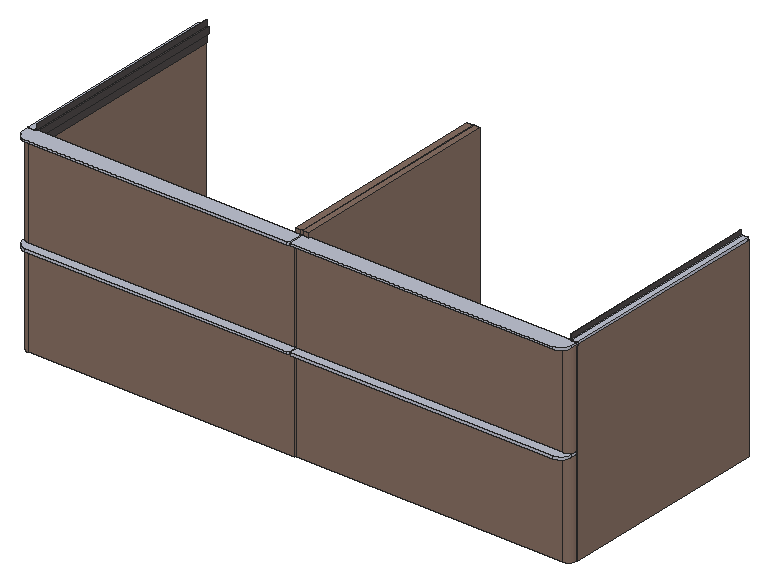
Revit family "vanity unit with 4 drawers for consoles with bowl", category Furniture, Revit 2019 (continued)
Types (48, lengths in mm): name | WEIGHT | Vanity unit 1560_550 with 4 drawers for consoles with bowl-54093700-Dark Walnut-MATT_WHITE-400_RX0RY0RZ0TX0TY0TZ0_V | Vanity unit 1560_550 with 4 drawers for consoles with bowl-54093700-Dark Walnut-MATT_WHITE-200_RX0RY0RZ0TX0TY0TZ0_V | Vanity unit 1560_550 with 4 drawers for consoles with bowl-54093670-Dark Walnut-MATT_BLACK-400_RX0RY0RZ0TX0TY0TZ0_V | Vanity unit 1560_550 with 4 drawers for consoles with bowl-54093670-Dark Walnut-MATT_BLACK-200_RX0RY0RZ0TX0TY0TZ0_V | Vanity unit 1560_550 with 4 drawers for consoles with bowl-54093000-Dark Walnut-CHROME-400_RX0RY0RZ0TX0TY0TZ0_V | Vanity unit 1560_550 with 4 drawers for consoles with bowl-54093000-Dark Walnut-CHROME-200_RX0RY0RZ0TX0TY0TZ0_V | Vanity unit 1560_550 with 4 drawers for consoles with bowl-54092700-Natural Oak-MATT_WHITE-400_RX0RY0RZ0TX0TY0TZ0_V | Vanity unit 1560_550 with 4 drawers for consoles with bowl-54092700-Natural Oak-MATT_WHITE-200_RX0RY0RZ0TX0TY0TZ0_V | Vanity unit 1560_550 with 4 drawers for consoles with bowl-54092670-Natural Oak-MATT_BLACK-400_RX0RY0RZ0TX0TY0TZ0_V | Vanity unit 1560_550 with 4 drawers for consoles with bowl-54092670-Natural Oak-MATT_BLACK-200_RX0RY0RZ0TX0TY0TZ0_V | Vanity unit 1560_550 with 4 drawers for consoles with bowl-54092000-Natural Oak-CHROME-400_RX0RY0RZ0TX0TY0TZ0_V | Vanity unit 1560_550 with 4 drawers for consoles with bowl-54092000-Natural Oak-CHROME-200_RX0RY0RZ0TX0TY0TZ0_V | Vanity unit 1560_550 with 4 drawers for consoles with bowl-54091700-Diamond Matt Grey-MATT_WHITE-400_RX0RY0RZ0TX0TY0TZ0_V | Vanity unit 1560_550 with 4 drawers for consoles with bowl-54091700-Diamond Matt Grey-MATT_WHITE-200_RX0RY0RZ0TX0TY0TZ0_V | Vanity unit 1560_550 with 4 drawers for consoles with bowl-54091670-Diamond Matt Grey-MATT_BLACK-400_RX0RY0RZ0TX0TY0TZ0_V | Vanity unit 1560_550 with 4 drawers for consoles with bowl-54091670-Diamond Matt Grey-MATT_BLACK-200_RX0RY0RZ0TX0TY0TZ0_V | Vanity unit 1560_550 with 4 drawers for consoles with bowl-54091000-Diamond Matt Grey-CHROME-400_RX0RY0RZ0TX0TY0TZ0_V | Vanity unit 1560_550 with 4 drawers for consoles with bowl-54091000-Diamond Matt Grey-CHROME-200_RX0RY0RZ0TX0TY0TZ0_V | Vanity unit 1560_550 with 4 drawers for consoles with bowl-54090700-High Gloss White-MATT_WHITE-400_RX0RY0RZ0TX0TY0TZ0_V | Vanity unit 1560_550 with 4 drawers for consoles with bowl-54090700-High Gloss White-MATT_WHITE-200_RX0RY0RZ0TX0TY0TZ0_V | Vanity unit 1560_550 with 4 drawers for consoles with bowl-54090670-High Gloss White-MATT_BLACK-400_RX0RY0RZ0TX0TY0TZ0_V | Vanity unit 1560_550 with 4 drawers for consoles with bowl-54090670-High Gloss White-MATT_BLACK-200_RX0RY0RZ0TX0TY0TZ0_V | Vanity unit 1560_550 with 4 drawers for consoles with bowl-54090000-High Gloss White-CHROME-400_RX0RY0RZ0TX0TY0TZ0_V | Vanity unit 1560_550 with 4 drawers for consoles with bowl-54090000-High Gloss White-CHROME-200_RX0RY0RZ0TX0TY0TZ0_V | Vanity unit 1360_550 with 4 drawers for consoles with bowl-54089700-Dark Walnut-MATT_WHITE-400_RX0RY0RZ0TX0TY0TZ0_V | Vanity unit 1360_550 with 4 drawers for consoles with bowl-54089700-Dark Walnut-MATT_WHITE-200_RX0RY0RZ0TX0TY0TZ0_V | Vanity unit 1360_550 with 4 drawers for consoles with bowl-54089670-Dark Walnut-MATT_BLACK-400_RX0RY0RZ0TX0TY0TZ0_V | Vanity unit 1360_550 with 4 drawers for consoles with bowl-54089670-Dark Walnut-MATT_BLACK-200_RX0RY0RZ0TX0TY0TZ0_V | Vanity unit 1360_550 with 4 drawers for consoles with bowl-54089000-Dark Walnut-CHROME-400_RX0RY0RZ0TX0TY0TZ0_V | Vanity unit 1360_550 with 4 drawers for consoles with bowl-54089000-Dark Walnut-CHROME-200_RX0RY0RZ0TX0TY0TZ0_V | Vanity unit 1360_550 with 4 drawers for consoles with bowl-54088700-Natural Oak-MATT_WHITE-400_RX0RY0RZ0TX0TY0TZ0_V | Vanity unit 1360_550 with 4 drawers for consoles with bowl-54088700-Natural Oak-MATT_WHITE-200_RX0RY0RZ0TX0TY0TZ0_V | Vanity unit 1360_550 with 4 drawers for consoles with bowl-54088670-Natural Oak-MATT_BLACK-400_RX0RY0RZ0TX0TY0TZ0_V | Vanity unit 1360_550 with 4 drawers for consoles with bowl-54088670-Natural Oak-MATT_BLACK-200_RX0RY0RZ0TX0TY0TZ0_V | Vanity unit 1360_550 with 4 drawers for consoles with bowl-54088000-Natural Oak-CHROME-400_RX0RY0RZ0TX0TY0TZ0_V | Vanity unit 1360_550 with 4 drawers for consoles with bowl-54088000-Natural Oak-CHROME-200_RX0RY0RZ0TX0TY0TZ0_V | Vanity unit 1360_550 with 4 drawers for consoles with bowl-54087700-Diamond Matt Grey-MATT_WHITE-400_RX0RY0RZ0TX0TY0TZ0_V | Vanity unit 1360_550 with 4 drawers for consoles with bowl-54087700-Diamond Matt Grey-MATT_WHITE-200_RX0RY0RZ0TX0TY0TZ0_V | Vanity unit 1360_550 with 4 drawers for consoles with bowl-54087670-Diamond Matt Grey-MATT_BLACK-400_RX0RY0RZ0TX0TY0TZ0_V | Vanity unit 1360_550 with 4 drawers for consoles with bowl-54087670-Diamond Matt Grey-MATT_BLACK-200_RX0RY0RZ0TX0TY0TZ0_V | Vanity unit 1360_550 with 4 drawers for consoles with bowl-54087000-Diamond Matt Grey-CHROME-400_RX0RY0RZ0TX0TY0TZ0_V | Vanity unit 1360_550 with 4 drawers for consoles with bowl-54087000-Diamond Matt Grey-CHROME-200_RX0RY0RZ0TX0TY0TZ0_V | Vanity unit 1360_550 with 4 drawers for consoles with bowl-54086700-High Gloss White-MATT_WHITE-400_RX0RY0RZ0TX0TY0TZ0_V | Vanity unit 1360_550 with 4 drawers for consoles with bowl-54086700-High Gloss White-MATT_WHITE-200_RX0RY0RZ0TX0TY0TZ0_V | Vanity unit 1360_550 with 4 drawers for consoles with bowl-54086670-High Gloss White-MATT_BLACK-400_RX0RY0RZ0TX0TY0TZ0_V | Vanity unit 1360_550 with 4 drawers for consoles with bowl-54086670-High Gloss White-MATT_BLACK-200_RX0RY0RZ0TX0TY0TZ0_V | Vanity unit 1360_550 with 4 drawers for consoles with bowl-54086000-High Gloss White-CHROME-400_RX0RY0RZ0TX0TY0TZ0_V | Vanity unit 1360_550 with 4 drawers for consoles with bowl-54086000-High Gloss White-CHROME-200_RX0RY0RZ0TX0TY0TZ0_V | SURFACE | PRODUCTURL | PERMALINK | OBERFLAECHE | NB | NAME | Model | MIdent | LODLEVEL | LINA | L | GTINCODE | BASENUMBER | ARTNR
  Vanity unit 1560_550 with 4 drawers for consoles with bowl-54091700-Diamond Matt Grey-MATT_WHITE-200 | "61" | no | no | no | no | no | no | no | no | no | no | no | no | no | yes | no | no | no | no | no | no | no | no | no | no | no | no | no | no | no | no | no | no | no | no | no | no | no | no | no | no | no | no | no | no | no | no | no | no | "MATT_WHITE" | "https://pro.hansgrohe.com/articledetail--54091000" | "54091XXX" | "Diamond Matt Grey" | "Vanity unit 1560/550 with 4 drawers for consoles with bowl-54091700-Diamond Matt Grey-MATT_WHITE-200" | "Xelu Q Vanity unit Diamond Matt Grey 1560/550 with 4 drawers for consoles with bowl" | "Vanity unit 1560/550 with 4 drawers for consoles with bowl-54091700-Diamond Matt Grey-MATT_WHITE-200" | "{$CADENAS_DATA/23d-libs/hansgrohe/xelu_furniture/vanity_unit_4_drawers_for_consoles_with_bowl/vanity_unit_4_drawers_for_consoles_with_bowl.prj},392 {VTYP=3D},{NB=Vanity unit 1560/550 with 4 drawers for consoles with bowl-54091700-Diamond Matt Grey-MATT_WHITE-200},{LINA=Vanity unit 1560/550 with 4 drawers for consoles with bowl-54091700-Diamond Matt Grey-MATT_WHITE-200},{NN=Vanity Unit with 4 Drawers for consoles with bowl},{DATE=13.03.2023 02:42:39},{GEOMDATE=08.03.2023 13:55:36},{VERSION=},{LINEID=170},{WBVAR=LODLEVEL},{WBNUMERIC=}  {NB=Vanity unit 1560/550 with 4 drawers for consoles with bowl-54091700-Diamond Matt Grey-MATT_WHITE-200},{LINA=Vanity unit 1560/550 with 4 drawers for consoles with bowl-54091700-Diamond Matt Grey-MATT_WHITE-200},{KT=DUMMY},{IDNR=17},{ARTNR=54091700},{BASENUMBER=Vanity unit 1560/550 with 4 drawers for consoles with bowl},{MODEL=54091XXX},{OBERFLAECHE=Diamond Matt Grey},{SURFACE=MATT_WHITE},{L=1560},{LODLEVEL=200},{LODLEVELX='400','400','200','200'},{NAME=Xelu Q Vanity unit Diamond Matt Grey 1560/550 with 4 drawers for consoles with bowl},{PERMALINK=54091XXX},{OBJECTTYPE=Object (single object)},{BIMOBJECT=Sanitary: Compound units},{PRODUCTFAMILY=Xelu Q},{PRODUCTGROUP=vanity unit},{WEIGHT=61},{DESCRIPTION=Xelu Q Vanity unit Diamond Matt Grey 1560/550 with 4 drawers for consoles with bowl},{SPECIFICATION=},{PRODUCTURL=https://pro.hansgrohe.com/articledetail--54091000},{GTINCODE=4059625457221},{TENDERURL=},{IFC=Furnishing element},{ETIM=EC011381 | Bathroom furniture set},{UNICLASS2015=Pr_40_30_78_05 | Bathroom furniture},{OMNICLASS=23-21 19 15 33 13 | Residential Bathroom Specialty Casework},{MASTERFORMAT=12 35 30.23 | Bathroom Casework},{UNSPSC=56 | Furniture and Furnishings},{UNIFORMATII=E2010 | Fixed Furnishings},{DESIGN=Germany},{MANUFACTURER=Germany},{REGIONSET=Worldwide}" | "200" | "Vanity unit 1560/550 with 4 drawers for consoles with bowl-54091700-Diamond Matt Grey-MATT_WHITE-200" | 1560 | "4059625457221" | "Vanity unit 1560/550 with 4 drawers for consoles with bowl" | "54091700"
  Vanity unit 1560_550 with 4 drawers for consoles with bowl-54091700-Diamond Matt Grey-MATT_WHITE-400 | "61" | no | no | no | no | no | no | no | no | no | no | no | no | yes | no | no | no | no | no | no | no | no | no | no | no | no | no | no | no | no | no | no | no | no | no | no | no | no | no | no | no | no | no | no | no | no | no | no | no | "MATT_WHITE" | "https://pro.hansgrohe.com/articledetail--54091000" | "54091XXX" | "Diamond Matt Grey" | "Vanity unit 1560/550 with 4 drawers for consoles with bowl-54091700-Diamond Matt Grey-MATT_WHITE-400" | "Xelu Q Vanity unit Diamond Matt Grey 1560/550 with 4 drawers for consoles with bowl" | "Vanity unit 1560/550 with 4 drawers for consoles with bowl-54091700-Diamond Matt Grey-MATT_WHITE-400" | "{$CADENAS_DATA/23d-libs/hansgrohe/xelu_furniture/vanity_unit_4_drawers_for_consoles_with_bowl/vanity_unit_4_drawers_for_consoles_with_bowl.prj},392 {VTYP=3D},{NB=Vanity unit 1560/550 with 4 drawers for consoles with bowl-54091700-Diamond Matt Grey-MATT_WHITE-400},{LINA=Vanity unit 1560/550 with 4 drawers for consoles with bowl-54091700-Diamond Matt Grey-MATT_WHITE-400},{NN=Vanity Unit with 4 Drawers for consoles with bowl},{DATE=13.03.2023 02:42:39},{GEOMDATE=08.03.2023 13:55:36},{VERSION=},{LINEID=170},{WBVAR=LODLEVEL},{WBNUMERIC=}  {NB=Vanity unit 1560/550 with 4 drawers for consoles with bowl-54091700-Diamond Matt Grey-MATT_WHITE-400},{LINA=Vanity unit 1560/550 with 4 drawers for consoles with bowl-54091700-Diamond Matt Grey-MATT_WHITE-400},{KT=DUMMY},{IDNR=17},{ARTNR=54091700},{BASENUMBER=Vanity unit 1560/550 with 4 drawers for consoles with bowl},{MODEL=54091XXX},{OBERFLAECHE=Diamond Matt Grey},{SURFACE=MATT_WHITE},{L=1560},{LODLEVEL=400},{LODLEVELX='400','400','200','200'},{NAME=Xelu Q Vanity unit Diamond Matt Grey 1560/550 with 4 drawers for consoles with bowl},{PERMALINK=54091XXX},{OBJECTTYPE=Object (single object)},{BIMOBJECT=Sanitary: Compound units},{PRODUCTFAMILY=Xelu Q},{PRODUCTGROUP=vanity unit},{WEIGHT=61},{DESCRIPTION=Xelu Q Vanity unit Diamond Matt Grey 1560/550 with 4 drawers for consoles with bowl},{SPECIFICATION=},{PRODUCTURL=https://pro.hansgrohe.com/articledetail--54091000},{GTINCODE=4059625457221},{TENDERURL=},{IFC=Furnishing element},{ETIM=EC011381 | Bathroom furniture set},{UNICLASS2015=Pr_40_30_78_05 | Bathroom furniture},{OMNICLASS=23-21 19 15 33 13 | Residential Bathroom Specialty Casework},{MASTERFORMAT=12 35 30.23 | Bathroom Casework},{UNSPSC=56 | Furniture and Furnishings},{UNIFORMATII=E2010 | Fixed Furnishings},{DESIGN=Germany},{MANUFACTURER=Germany},{REGIONSET=Worldwide}" | "400" | "Vanity unit 1560/550 with 4 drawers for consoles with bowl-54091700-Diamond Matt Grey-MATT_WHITE-400" | 1560 | "4059625457221" | "Vanity unit 1560/550 with 4 drawers for consoles with bowl" | "54091700"
  Vanity unit 1560_550 with 4 drawers for consoles with bowl-54092000-Natural Oak-CHROME-200 | "61" | no | no | no | no | no | no | no | no | no | no | no | yes | no | no | no | no | no | no | no | no | no | no | no | no | no | no | no | no | no | no | no | no | no | no | no | no | no | no | no | no | no | no | no | no | no | no | no | no | "CHROME" | "https://pro.hansgrohe.com/articledetail--54092000" | "54092XXX" | "Natural Oak" | "Vanity unit 1560/550 with 4 drawers for consoles with bowl-54092000-Natural Oak-CHROME-200" | "Xelu Q Vanity unit Natural Oak 1560/550 with 4 drawers for consoles with bowl" | "Vanity unit 1560/550 with 4 drawers for consoles with bowl-54092000-Natural Oak-CHROME-200" | "{$CADENAS_DATA/23d-libs/hansgrohe/xelu_furniture/vanity_unit_4_drawers_for_consoles_with_bowl/vanity_unit_4_drawers_for_consoles_with_bowl.prj},372 {VTYP=3D},{NB=Vanity unit 1560/550 with 4 drawers for consoles with bowl-54092000-Natural Oak-CHROME-200},{LINA=Vanity unit 1560/550 with 4 drawers for consoles with bowl-54092000-Natural Oak-CHROME-200},{NN=Vanity Unit with 4 Drawers for consoles with bowl},{DATE=13.03.2023 02:42:39},{GEOMDATE=08.03.2023 13:55:36},{VERSION=},{LINEID=200},{WBVAR=LODLEVEL},{WBNUMERIC=}  {NB=Vanity unit 1560/550 with 4 drawers for consoles with bowl-54092000-Natural Oak-CHROME-200},{LINA=Vanity unit 1560/550 with 4 drawers for consoles with bowl-54092000-Natural Oak-CHROME-200},{KT=DUMMY},{IDNR=20},{ARTNR=54092000},{BASENUMBER=Vanity unit 1560/550 with 4 drawers for consoles with bowl},{MODEL=54092XXX},{OBERFLAECHE=Natural Oak},{SURFACE=CHROME},{L=1560},{LODLEVEL=200},{LODLEVELX='400','400','200','200'},{NAME=Xelu Q Vanity unit Natural Oak 1560/550 with 4 drawers for consoles with bowl},{PERMALINK=54092XXX},{OBJECTTYPE=Object (single object)},{BIMOBJECT=Sanitary: Compound units},{PRODUCTFAMILY=Xelu Q},{PRODUCTGROUP=vanity unit},{WEIGHT=61},{DESCRIPTION=Xelu Q Vanity unit Natural Oak 1560/550 with 4 drawers for consoles with bowl},{SPECIFICATION=},{PRODUCTURL=https://pro.hansgrohe.com/articledetail--54092000},{GTINCODE=4059625457191},{TENDERURL=},{IFC=Furnishing element},{ETIM=EC011381 | Bathroom furniture set},{UNICLASS2015=Pr_40_30_78_05 | Bathroom furniture},{OMNICLASS=23-21 19 15 33 13 | Residential Bathroom Specialty Casework},{MASTERFORMAT=12 35 30.23 | Bathroom Casework},{UNSPSC=56 | Furniture and Furnishings},{UNIFORMATII=E2010 | Fixed Furnishings},{DESIGN=Germany},{MANUFACTURER=Germany},{REGIONSET=Worldwide}" | "200" | "Vanity unit 1560/550 with 4 drawers for consoles with bowl-54092000-Natural Oak-CHROME-200" | 1560 | "4059625457191" | "Vanity unit 1560/550 with 4 drawers for consoles with bowl" | "54092000"
  Vanity unit 1560_550 with 4 drawers for consoles with bowl-54092000-Natural Oak-CHROME-400 | "61" | no | no | no | no | no | no | no | no | no | no | yes | no | no | no | no | no | no | no | no | no | no | no | no | no | no | no | no | no | no | no | no | no | no | no | no | no | no | no | no | no | no | no | no | no | no | no | no | no | "CHROME" | "https://pro.hansgrohe.com/articledetail--54092000" | "54092XXX" | "Natural Oak" | "Vanity unit 1560/550 with 4 drawers for consoles with bowl-54092000-Natural Oak-CHROME-400" | "Xelu Q Vanity unit Natural Oak 1560/550 with 4 drawers for consoles with bowl" | "Vanity unit 1560/550 with 4 drawers for consoles with bowl-54092000-Natural Oak-CHROME-400" | "{$CADENAS_DATA/23d-libs/hansgrohe/xelu_furniture/vanity_unit_4_drawers_for_consoles_with_bowl/vanity_unit_4_drawers_for_consoles_with_bowl.prj},372 {VTYP=3D},{NB=Vanity unit 1560/550 with 4 drawers for consoles with bowl-54092000-Natural Oak-CHROME-400},{LINA=Vanity unit 1560/550 with 4 drawers for consoles with bowl-54092000-Natural Oak-CHROME-400},{NN=Vanity Unit with 4 Drawers for consoles with bowl},{DATE=13.03.2023 02:42:39},{GEOMDATE=08.03.2023 13:55:36},{VERSION=},{LINEID=200},{WBVAR=LODLEVEL},{WBNUMERIC=}  {NB=Vanity unit 1560/550 with 4 drawers for consoles with bowl-54092000-Natural Oak-CHROME-400},{LINA=Vanity unit 1560/550 with 4 drawers for consoles with bowl-54092000-Natural Oak-CHROME-400},{KT=DUMMY},{IDNR=20},{ARTNR=54092000},{BASENUMBER=Vanity unit 1560/550 with 4 drawers for consoles with bowl},{MODEL=54092XXX},{OBERFLAECHE=Natural Oak},{SURFACE=CHROME},{L=1560},{LODLEVEL=400},{LODLEVELX='400','400','200','200'},{NAME=Xelu Q Vanity unit Natural Oak 1560/550 with 4 drawers for consoles with bowl},{PERMALINK=54092XXX},{OBJECTTYPE=Object (single object)},{BIMOBJECT=Sanitary: Compound units},{PRODUCTFAMILY=Xelu Q},{PRODUCTGROUP=vanity unit},{WEIGHT=61},{DESCRIPTION=Xelu Q Vanity unit Natural Oak 1560/550 with 4 drawers for consoles with bowl},{SPECIFICATION=},{PRODUCTURL=https://pro.hansgrohe.com/articledetail--54092000},{GTINCODE=4059625457191},{TENDERURL=},{IFC=Furnishing element},{ETIM=EC011381 | Bathroom furniture set},{UNICLASS2015=Pr_40_30_78_05 | Bathroom furniture},{OMNICLASS=23-21 19 15 33 13 | Residential Bathroom Specialty Casework},{MASTERFORMAT=12 35 30.23 | Bathroom Casework},{UNSPSC=56 | Furniture and Furnishings},{UNIFORMATII=E2010 | Fixed Furnishings},{DESIGN=Germany},{MANUFACTURER=Germany},{REGIONSET=Worldwide}" | "400" | "Vanity unit 1560/550 with 4 drawers for consoles with bowl-54092000-Natural Oak-CHROME-400" | 1560 | "4059625457191" | "Vanity unit 1560/550 with 4 drawers for consoles with bowl" | "54092000"
  Vanity unit 1560_550 with 4 drawers for consoles with bowl-54092670-Natural Oak-MATT_BLACK-200 | "61" | no | no | no | no | no | no | no | no | no | yes | no | no | no | no | no | no | no | no | no | no | no | no | no | no | no | no | no | no | no | no | no | no | no | no | no | no | no | no | no | no | no | no | no | no | no | no | no | no | "MATT_BLACK" | "https://pro.hansgrohe.com/articledetail--54092000" | "54092XXX" | "Natural Oak" | "Vanity unit 1560/550 with 4 drawers for consoles with bowl-54092670-Natural Oak-MATT_BLACK-200" | "Xelu Q Vanity unit Natural Oak 1560/550 with 4 drawers for consoles with bowl" | "Vanity unit 1560/550 with 4 drawers for consoles with bowl-54092670-Natural Oak-MATT_BLACK-200" | "{$CADENAS_DATA/23d-libs/hansgrohe/xelu_furniture/vanity_unit_4_drawers_for_consoles_with_bowl/vanity_unit_4_drawers_for_consoles_with_bowl.prj},380 {VTYP=3D},{NB=Vanity unit 1560/550 with 4 drawers for consoles with bowl-54092670-Natural Oak-MATT_BLACK-200},{LINA=Vanity unit 1560/550 with 4 drawers for consoles with bowl-54092670-Natural Oak-MATT_BLACK-200},{NN=Vanity Unit with 4 Drawers for consoles with bowl},{DATE=13.03.2023 02:42:39},{GEOMDATE=08.03.2023 13:55:36},{VERSION=},{LINEID=210},{WBVAR=LODLEVEL},{WBNUMERIC=}  {NB=Vanity unit 1560/550 with 4 drawers for consoles with bowl-54092670-Natural Oak-MATT_BLACK-200},{LINA=Vanity unit 1560/550 with 4 drawers for consoles with bowl-54092670-Natural Oak-MATT_BLACK-200},{KT=DUMMY},{IDNR=21},{ARTNR=54092670},{BASENUMBER=Vanity unit 1560/550 with 4 drawers for consoles with bowl},{MODEL=54092XXX},{OBERFLAECHE=Natural Oak},{SURFACE=MATT_BLACK},{L=1560},{LODLEVEL=200},{LODLEVELX='400','400','200','200'},{NAME=Xelu Q Vanity unit Natural Oak 1560/550 with 4 drawers for consoles with bowl},{PERMALINK=54092XXX},{OBJECTTYPE=Object (single object)},{BIMOBJECT=Sanitary: Compound units},{PRODUCTFAMILY=Xelu Q},{PRODUCTGROUP=vanity unit},{WEIGHT=61},{DESCRIPTION=Xelu Q Vanity unit Natural Oak 1560/550 with 4 drawers for consoles with bowl},{SPECIFICATION=},{PRODUCTURL=https://pro.hansgrohe.com/articledetail--54092000},{GTINCODE=4059625457191},{TENDERURL=},{IFC=Furnishing element},{ETIM=EC011381 | Bathroom furniture set},{UNICLASS2015=Pr_40_30_78_05 | Bathroom furniture},{OMNICLASS=23-21 19 15 33 13 | Residential Bathroom Specialty Casework},{MASTERFORMAT=12 35 30.23 | Bathroom Casework},{UNSPSC=56 | Furniture and Furnishings},{UNIFORMATII=E2010 | Fixed Furnishings},{DESIGN=Germany},{MANUFACTURER=Germany},{REGIONSET=Worldwide}" | "200" | "Vanity unit 1560/550 with 4 drawers for consoles with bowl-54092670-Natural Oak-MATT_BLACK-200" | 1560 | "4059625457191" | "Vanity unit 1560/550 with 4 drawers for consoles with bowl" | "54092670"
  Vanity unit 1560_550 with 4 drawers for consoles with bowl-54092670-Natural Oak-MATT_BLACK-400 | "61" | no | no | no | no | no | no | no | no | yes | no | no | no | no | no | no | no | no | no | no | no | no | no | no | no | no | no | no | no | no | no | no | no | no | no | no | no | no | no | no | no | no | no | no | no | no | no | no | no | "MATT_BLACK" | "https://pro.hansgrohe.com/articledetail--54092000" | "54092XXX" | "Natural Oak" | "Vanity unit 1560/550 with 4 drawers for consoles with bowl-54092670-Natural Oak-MATT_BLACK-400" | "Xelu Q Vanity unit Natural Oak 1560/550 with 4 drawers for consoles with bowl" | "Vanity unit 1560/550 with 4 drawers for consoles with bowl-54092670-Natural Oak-MATT_BLACK-400" | "{$CADENAS_DATA/23d-libs/hansgrohe/xelu_furniture/vanity_unit_4_drawers_for_consoles_with_bowl/vanity_unit_4_drawers_for_consoles_with_bowl.prj},380 {VTYP=3D},{NB=Vanity unit 1560/550 with 4 drawers for consoles with bowl-54092670-Natural Oak-MATT_BLACK-400},{LINA=Vanity unit 1560/550 with 4 drawers for consoles with bowl-54092670-Natural Oak-MATT_BLACK-400},{NN=Vanity Unit with 4 Drawers for consoles with bowl},{DATE=13.03.2023 02:42:39},{GEOMDATE=08.03.2023 13:55:36},{VERSION=},{LINEID=210},{WBVAR=LODLEVEL},{WBNUMERIC=}  {NB=Vanity unit 1560/550 with 4 drawers for consoles with bowl-54092670-Natural Oak-MATT_BLACK-400},{LINA=Vanity unit 1560/550 with 4 drawers for consoles with bowl-54092670-Natural Oak-MATT_BLACK-400},{KT=DUMMY},{IDNR=21},{ARTNR=54092670},{BASENUMBER=Vanity unit 1560/550 with 4 drawers for consoles with bowl},{MODEL=54092XXX},{OBERFLAECHE=Natural Oak},{SURFACE=MATT_BLACK},{L=1560},{LODLEVEL=400},{LODLEVELX='400','400','200','200'},{NAME=Xelu Q Vanity unit Natural Oak 1560/550 with 4 drawers for consoles with bowl},{PERMALINK=54092XXX},{OBJECTTYPE=Object (single object)},{BIMOBJECT=Sanitary: Compound units},{PRODUCTFAMILY=Xelu Q},{PRODUCTGROUP=vanity unit},{WEIGHT=61},{DESCRIPTION=Xelu Q Vanity unit Natural Oak 1560/550 with 4 drawers for consoles with bowl},{SPECIFICATION=},{PRODUCTURL=https://pro.hansgrohe.com/articledetail--54092000},{GTINCODE=4059625457191},{TENDERURL=},{IFC=Furnishing element},{ETIM=EC011381 | Bathroom furniture set},{UNICLASS2015=Pr_40_30_78_05 | Bathroom furniture},{OMNICLASS=23-21 19 15 33 13 | Residential Bathroom Specialty Casework},{MASTERFORMAT=12 35 30.23 | Bathroom Casework},{UNSPSC=56 | Furniture and Furnishings},{UNIFORMATII=E2010 | Fixed Furnishings},{DESIGN=Germany},{MANUFACTURER=Germany},{REGIONSET=Worldwide}" | "400" | "Vanity unit 1560/550 with 4 drawers for consoles with bowl-54092670-Natural Oak-MATT_BLACK-400" | 1560 | "4059625457191" | "Vanity unit 1560/550 with 4 drawers for consoles with bowl" | "54092670"
  Vanity unit 1560_550 with 4 drawers for consoles with bowl-54092700-Natural Oak-MATT_WHITE-200 | "61" | no | no | no | no | no | no | no | yes | no | no | no | no | no | no | no | no | no | no | no | no | no | no | no | no | no | no | no | no | no | no | no | no | no | no | no | no | no | no | no | no | no | no | no | no | no | no | no | no | "MATT_WHITE" | "https://pro.hansgrohe.com/articledetail--54092000" | "54092XXX" | "Natural Oak" | "Vanity unit 1560/550 with 4 drawers for consoles with bowl-54092700-Natural Oak-MATT_WHITE-200" | "Xelu Q Vanity unit Natural Oak 1560/550 with 4 drawers for consoles with bowl" | "Vanity unit 1560/550 with 4 drawers for consoles with bowl-54092700-Natural Oak-MATT_WHITE-200" | "{$CADENAS_DATA/23d-libs/hansgrohe/xelu_furniture/vanity_unit_4_drawers_for_consoles_with_bowl/vanity_unit_4_drawers_for_consoles_with_bowl.prj},380 {VTYP=3D},{NB=Vanity unit 1560/550 with 4 drawers for consoles with bowl-54092700-Natural Oak-MATT_WHITE-200},{LINA=Vanity unit 1560/550 with 4 drawers for consoles with bowl-54092700-Natural Oak-MATT_WHITE-200},{NN=Vanity Unit with 4 Drawers for consoles with bowl},{DATE=13.03.2023 02:42:39},{GEOMDATE=08.03.2023 13:55:36},{VERSION=},{LINEID=190},{WBVAR=LODLEVEL},{WBNUMERIC=}  {NB=Vanity unit 1560/550 with 4 drawers for consoles with bowl-54092700-Natural Oak-MATT_WHITE-200},{LINA=Vanity unit 1560/550 with 4 drawers for consoles with bowl-54092700-Natural Oak-MATT_WHITE-200},{KT=DUMMY},{IDNR=19},{ARTNR=54092700},{BASENUMBER=Vanity unit 1560/550 with 4 drawers for consoles with bowl},{MODEL=54092XXX},{OBERFLAECHE=Natural Oak},{SURFACE=MATT_WHITE},{L=1560},{LODLEVEL=200},{LODLEVELX='400','400','200','200'},{NAME=Xelu Q Vanity unit Natural Oak 1560/550 with 4 drawers for consoles with bowl},{PERMALINK=54092XXX},{OBJECTTYPE=Object (single object)},{BIMOBJECT=Sanitary: Compound units},{PRODUCTFAMILY=Xelu Q},{PRODUCTGROUP=vanity unit},{WEIGHT=61},{DESCRIPTION=Xelu Q Vanity unit Natural Oak 1560/550 with 4 drawers for consoles with bowl},{SPECIFICATION=},{PRODUCTURL=https://pro.hansgrohe.com/articledetail--54092000},{GTINCODE=4059625457191},{TENDERURL=},{IFC=Furnishing element},{ETIM=EC011381 | Bathroom furniture set},{UNICLASS2015=Pr_40_30_78_05 | Bathroom furniture},{OMNICLASS=23-21 19 15 33 13 | Residential Bathroom Specialty Casework},{MASTERFORMAT=12 35 30.23 | Bathroom Casework},{UNSPSC=56 | Furniture and Furnishings},{UNIFORMATII=E2010 | Fixed Furnishings},{DESIGN=Germany},{MANUFACTURER=Germany},{REGIONSET=Worldwide}" | "200" | "Vanity unit 1560/550 with 4 drawers for consoles with bowl-54092700-Natural Oak-MATT_WHITE-200" | 1560 | "4059625457191" | "Vanity unit 1560/550 with 4 drawers for consoles with bowl" | "54092700"
  Vanity unit 1560_550 with 4 drawers for consoles with bowl-54092700-Natural Oak-MATT_WHITE-400 | "61" | no | no | no | no | no | no | yes | no | no | no | no | no | no | no | no | no | no | no | no | no | no | no | no | no | no | no | no | no | no | no | no | no | no | no | no | no | no | no | no | no | no | no | no | no | no | no | no | no | "MATT_WHITE" | "https://pro.hansgrohe.com/articledetail--54092000" | "54092XXX" | "Natural Oak" | "Vanity unit 1560/550 with 4 drawers for consoles with bowl-54092700-Natural Oak-MATT_WHITE-400" | "Xelu Q Vanity unit Natural Oak 1560/550 with 4 drawers for consoles with bowl" | "Vanity unit 1560/550 with 4 drawers for consoles with bowl-54092700-Natural Oak-MATT_WHITE-400" | "{$CADENAS_DATA/23d-libs/hansgrohe/xelu_furniture/vanity_unit_4_drawers_for_consoles_with_bowl/vanity_unit_4_drawers_for_consoles_with_bowl.prj},380 {VTYP=3D},{NB=Vanity unit 1560/550 with 4 drawers for consoles with bowl-54092700-Natural Oak-MATT_WHITE-400},{LINA=Vanity unit 1560/550 with 4 drawers for consoles with bowl-54092700-Natural Oak-MATT_WHITE-400},{NN=Vanity Unit with 4 Drawers for consoles with bowl},{DATE=13.03.2023 02:42:39},{GEOMDATE=08.03.2023 13:55:36},{VERSION=},{LINEID=190},{WBVAR=LODLEVEL},{WBNUMERIC=}  {NB=Vanity unit 1560/550 with 4 drawers for consoles with bowl-54092700-Natural Oak-MATT_WHITE-400},{LINA=Vanity unit 1560/550 with 4 drawers for consoles with bowl-54092700-Natural Oak-MATT_WHITE-400},{KT=DUMMY},{IDNR=19},{ARTNR=54092700},{BASENUMBER=Vanity unit 1560/550 with 4 drawers for consoles with bowl},{MODEL=54092XXX},{OBERFLAECHE=Natural Oak},{SURFACE=MATT_WHITE},{L=1560},{LODLEVEL=400},{LODLEVELX='400','400','200','200'},{NAME=Xelu Q Vanity unit Natural Oak 1560/550 with 4 drawers for consoles with bowl},{PERMALINK=54092XXX},{OBJECTTYPE=Object (single object)},{BIMOBJECT=Sanitary: Compound units},{PRODUCTFAMILY=Xelu Q},{PRODUCTGROUP=vanity unit},{WEIGHT=61},{DESCRIPTION=Xelu Q Vanity unit Natural Oak 1560/550 with 4 drawers for consoles with bowl},{SPECIFICATION=},{PRODUCTURL=https://pro.hansgrohe.com/articledetail--54092000},{GTINCODE=4059625457191},{TENDERURL=},{IFC=Furnishing element},{ETIM=EC011381 | Bathroom furniture set},{UNICLASS2015=Pr_40_30_78_05 | Bathroom furniture},{OMNICLASS=23-21 19 15 33 13 | Residential Bathroom Specialty Casework},{MASTERFORMAT=12 35 30.23 | Bathroom Casework},{UNSPSC=56 | Furniture and Furnishings},{UNIFORMATII=E2010 | Fixed Furnishings},{DESIGN=Germany},{MANUFACTURER=Germany},{REGIONSET=Worldwide}" | "400" | "Vanity unit 1560/550 with 4 drawers for consoles with bowl-54092700-Natural Oak-MATT_WHITE-400" | 1560 | "4059625457191" | "Vanity unit 1560/550 with 4 drawers for consoles with bowl" | "54092700"
  Vanity unit 1560_550 with 4 drawers for consoles with bowl-54093000-Dark Walnut-CHROME-200 | "61" | no | no | no | no | no | yes | no | no | no | no | no | no | no | no | no | no | no | no | no | no | no | no | no | no | no | no | no | no | no | no | no | no | no | no | no | no | no | no | no | no | no | no | no | no | no | no | no | no | "CHROME" | "https://pro.hansgrohe.com/articledetail--54093000" | "54093XXX" | "Dark Walnut" | "Vanity unit 1560/550 with 4 drawers for consoles with bowl-54093000-Dark Walnut-CHROME-200" | "Xelu Q Vanity unit Dark Walnut 1560/550 with 4 drawers for consoles with bowl" | "Vanity unit 1560/550 with 4 drawers for consoles with bowl-54093000-Dark Walnut-CHROME-200" | "{$CADENAS_DATA/23d-libs/hansgrohe/xelu_furniture/vanity_unit_4_drawers_for_consoles_with_bowl/vanity_unit_4_drawers_for_consoles_with_bowl.prj},372 {VTYP=3D},{NB=Vanity unit 1560/550 with 4 drawers for consoles with bowl-54093000-Dark Walnut-CHROME-200},{LINA=Vanity unit 1560/550 with 4 drawers for consoles with bowl-54093000-Dark Walnut-CHROME-200},{NN=Vanity Unit with 4 Drawers for consoles with bowl},{DATE=13.03.2023 02:42:39},{GEOMDATE=08.03.2023 13:55:36},{VERSION=},{LINEID=230},{WBVAR=LODLEVEL},{WBNUMERIC=}  {NB=Vanity unit 1560/550 with 4 drawers for consoles with bowl-54093000-Dark Walnut-CHROME-200},{LINA=Vanity unit 1560/550 with 4 drawers for consoles with bowl-54093000-Dark Walnut-CHROME-200},{KT=DUMMY},{IDNR=23},{ARTNR=54093000},{BASENUMBER=Vanity unit 1560/550 with 4 drawers for consoles with bowl},{MODEL=54093XXX},{OBERFLAECHE=Dark Walnut},{SURFACE=CHROME},{L=1560},{LODLEVEL=200},{LODLEVELX='400','400','200','200'},{NAME=Xelu Q Vanity unit Dark Walnut 1560/550 with 4 drawers for consoles with bowl},{PERMALINK=54093XXX},{OBJECTTYPE=Object (single object)},{BIMOBJECT=Sanitary: Compound units},{PRODUCTFAMILY=Xelu Q},{PRODUCTGROUP=vanity unit},{WEIGHT=61},{DESCRIPTION=Xelu Q Vanity unit Dark Walnut 1560/550 with 4 drawers for consoles with bowl},{SPECIFICATION=},{PRODUCTURL=https://pro.hansgrohe.com/articledetail--54093000},{GTINCODE=4059625457160},{TENDERURL=},{IFC=Furnishing element},{ETIM=EC011381 | Bathroom furniture set},{UNICLASS2015=Pr_40_30_78_05 | Bathroom furniture},{OMNICLASS=23-21 19 15 33 13 | Residential Bathroom Specialty Casework},{MASTERFORMAT=12 35 30.23 | Bathroom Casework},{UNSPSC=56 | Furniture and Furnishings},{UNIFORMATII=E2010 | Fixed Furnishings},{DESIGN=Germany},{MANUFACTURER=Germany},{REGIONSET=Worldwide}" | "200" | "Vanity unit 1560/550 with 4 drawers for consoles with bowl-54093000-Dark Walnut-CHROME-200" | 1560 | "4059625457160" | "Vanity unit 1560/550 with 4 drawers for consoles with bowl" | "54093000"
  Vanity unit 1560_550 with 4 drawers for consoles with bowl-54093000-Dark Walnut-CHROME-400 | "61" | no | no | no | no | yes | no | no | no | no | no | no | no | no | no | no | no | no | no | no | no | no | no | no | no | no | no | no | no | no | no | no | no | no | no | no | no | no | no | no | no | no | no | no | no | no | no | no | no | "CHROME" | "https://pro.hansgrohe.com/articledetail--54093000" | "54093XXX" | "Dark Walnut" | "Vanity unit 1560/550 with 4 drawers for consoles with bowl-54093000-Dark Walnut-CHROME-400" | "Xelu Q Vanity unit Dark Walnut 1560/550 with 4 drawers for consoles with bowl" | "Vanity unit 1560/550 with 4 drawers for consoles with bowl-54093000-Dark Walnut-CHROME-400" | "{$CADENAS_DATA/23d-libs/hansgrohe/xelu_furniture/vanity_unit_4_drawers_for_consoles_with_bowl/vanity_unit_4_drawers_for_consoles_with_bowl.prj},372 {VTYP=3D},{NB=Vanity unit 1560/550 with 4 drawers for consoles with bowl-54093000-Dark Walnut-CHROME-400},{LINA=Vanity unit 1560/550 with 4 drawers for consoles with bowl-54093000-Dark Walnut-CHROME-400},{NN=Vanity Unit with 4 Drawers for consoles with bowl},{DATE=13.03.2023 02:42:39},{GEOMDATE=08.03.2023 13:55:36},{VERSION=},{LINEID=230},{WBVAR=LODLEVEL},{WBNUMERIC=}  {NB=Vanity unit 1560/550 with 4 drawers for consoles with bowl-54093000-Dark Walnut-CHROME-400},{LINA=Vanity unit 1560/550 with 4 drawers for consoles with bowl-54093000-Dark Walnut-CHROME-400},{KT=DUMMY},{IDNR=23},{ARTNR=54093000},{BASENUMBER=Vanity unit 1560/550 with 4 drawers for consoles with bowl},{MODEL=54093XXX},{OBERFLAECHE=Dark Walnut},{SURFACE=CHROME},{L=1560},{LODLEVEL=400},{LODLEVELX='400','400','200','200'},{NAME=Xelu Q Vanity unit Dark Walnut 1560/550 with 4 drawers for consoles with bowl},{PERMALINK=54093XXX},{OBJECTTYPE=Object (single object)},{BIMOBJECT=Sanitary: Compound units},{PRODUCTFAMILY=Xelu Q},{PRODUCTGROUP=vanity unit},{WEIGHT=61},{DESCRIPTION=Xelu Q Vanity unit Dark Walnut 1560/550 with 4 drawers for consoles with bowl},{SPECIFICATION=},{PRODUCTURL=https://pro.hansgrohe.com/articledetail--54093000},{GTINCODE=4059625457160},{TENDERURL=},{IFC=Furnishing element},{ETIM=EC011381 | Bathroom furniture set},{UNICLASS2015=Pr_40_30_78_05 | Bathroom furniture},{OMNICLASS=23-21 19 15 33 13 | Residential Bathroom Specialty Casework},{MASTERFORMAT=12 35 30.23 | Bathroom Casework},{UNSPSC=56 | Furniture and Furnishings},{UNIFORMATII=E2010 | Fixed Furnishings},{DESIGN=Germany},{MANUFACTURER=Germany},{REGIONSET=Worldwide}" | "400" | "Vanity unit 1560/550 with 4 drawers for consoles with bowl-54093000-Dark Walnut-CHROME-400" | 1560 | "4059625457160" | "Vanity unit 1560/550 with 4 drawers for consoles with bowl" | "54093000"
  Vanity unit 1560_550 with 4 drawers for consoles with bowl-54093670-Dark Walnut-MATT_BLACK-200 | "61" | no | no | no | yes | no | no | no | no | no | no | no | no | no | no | no | no | no | no | no | no | no | no | no | no | no | no | no | no | no | no | no | no | no | no | no | no | no | no | no | no | no | no | no | no | no | no | no | no | "MATT_BLACK" | "https://pro.hansgrohe.com/articledetail--54093000" | "54093XXX" | "Dark Walnut" | "Vanity unit 1560/550 with 4 drawers for consoles with bowl-54093670-Dark Walnut-MATT_BLACK-200" | "Xelu Q Vanity unit Dark Walnut 1560/550 with 4 drawers for consoles with bowl" | "Vanity unit 1560/550 with 4 drawers for consoles with bowl-54093670-Dark Walnut-MATT_BLACK-200" | "{$CADENAS_DATA/23d-libs/hansgrohe/xelu_furniture/vanity_unit_4_drawers_for_consoles_with_bowl/vanity_unit_4_drawers_for_consoles_with_bowl.prj},380 {VTYP=3D},{NB=Vanity unit 1560/550 with 4 drawers for consoles with bowl-54093670-Dark Walnut-MATT_BLACK-200},{LINA=Vanity unit 1560/550 with 4 drawers for consoles with bowl-54093670-Dark Walnut-MATT_BLACK-200},{NN=Vanity Unit with 4 Drawers for consoles with bowl},{DATE=13.03.2023 02:42:39},{GEOMDATE=08.03.2023 13:55:36},{VERSION=},{LINEID=220},{WBVAR=LODLEVEL},{WBNUMERIC=}  {NB=Vanity unit 1560/550 with 4 drawers for consoles with bowl-54093670-Dark Walnut-MATT_BLACK-200},{LINA=Vanity unit 1560/550 with 4 drawers for consoles with bowl-54093670-Dark Walnut-MATT_BLACK-200},{KT=DUMMY},{IDNR=22},{ARTNR=54093670},{BASENUMBER=Vanity unit 1560/550 with 4 drawers for consoles with bowl},{MODEL=54093XXX},{OBERFLAECHE=Dark Walnut},{SURFACE=MATT_BLACK},{L=1560},{LODLEVEL=200},{LODLEVELX='400','400','200','200'},{NAME=Xelu Q Vanity unit Dark Walnut 1560/550 with 4 drawers for consoles with bowl},{PERMALINK=54093XXX},{OBJECTTYPE=Object (single object)},{BIMOBJECT=Sanitary: Compound units},{PRODUCTFAMILY=Xelu Q},{PRODUCTGROUP=vanity unit},{WEIGHT=61},{DESCRIPTION=Xelu Q Vanity unit Dark Walnut 1560/550 with 4 drawers for consoles with bowl},{SPECIFICATION=},{PRODUCTURL=https://pro.hansgrohe.com/articledetail--54093000},{GTINCODE=4059625457160},{TENDERURL=},{IFC=Furnishing element},{ETIM=EC011381 | Bathroom furniture set},{UNICLASS2015=Pr_40_30_78_05 | Bathroom furniture},{OMNICLASS=23-21 19 15 33 13 | Residential Bathroom Specialty Casework},{MASTERFORMAT=12 35 30.23 | Bathroom Casework},{UNSPSC=56 | Furniture and Furnishings},{UNIFORMATII=E2010 | Fixed Furnishings},{DESIGN=Germany},{MANUFACTURER=Germany},{REGIONSET=Worldwide}" | "200" | "Vanity unit 1560/550 with 4 drawers for consoles with bowl-54093670-Dark Walnut-MATT_BLACK-200" | 1560 | "4059625457160" | "Vanity unit 1560/550 with 4 drawers for consoles with bowl" | "54093670"
  Vanity unit 1560_550 with 4 drawers for consoles with bowl-54093670-Dark Walnut-MATT_BLACK-400 | "61" | no | no | yes | no | no | no | no | no | no | no | no | no | no | no | no | no | no | no | no | no | no | no | no | no | no | no | no | no | no | no | no | no | no | no | no | no | no | no | no | no | no | no | no | no | no | no | no | no | "MATT_BLACK" | "https://pro.hansgrohe.com/articledetail--54093000" | "54093XXX" | "Dark Walnut" | "Vanity unit 1560/550 with 4 drawers for consoles with bowl-54093670-Dark Walnut-MATT_BLACK-400" | "Xelu Q Vanity unit Dark Walnut 1560/550 with 4 drawers for consoles with bowl" | "Vanity unit 1560/550 with 4 drawers for consoles with bowl-54093670-Dark Walnut-MATT_BLACK-400" | "{$CADENAS_DATA/23d-libs/hansgrohe/xelu_furniture/vanity_unit_4_drawers_for_consoles_with_bowl/vanity_unit_4_drawers_for_consoles_with_bowl.prj},380 {VTYP=3D},{NB=Vanity unit 1560/550 with 4 drawers for consoles with bowl-54093670-Dark Walnut-MATT_BLACK-400},{LINA=Vanity unit 1560/550 with 4 drawers for consoles with bowl-54093670-Dark Walnut-MATT_BLACK-400},{NN=Vanity Unit with 4 Drawers for consoles with bowl},{DATE=13.03.2023 02:42:39},{GEOMDATE=08.03.2023 13:55:36},{VERSION=},{LINEID=220},{WBVAR=LODLEVEL},{WBNUMERIC=}  {NB=Vanity unit 1560/550 with 4 drawers for consoles with bowl-54093670-Dark Walnut-MATT_BLACK-400},{LINA=Vanity unit 1560/550 with 4 drawers for consoles with bowl-54093670-Dark Walnut-MATT_BLACK-400},{KT=DUMMY},{IDNR=22},{ARTNR=54093670},{BASENUMBER=Vanity unit 1560/550 with 4 drawers for consoles with bowl},{MODEL=54093XXX},{OBERFLAECHE=Dark Walnut},{SURFACE=MATT_BLACK},{L=1560},{LODLEVEL=400},{LODLEVELX='400','400','200','200'},{NAME=Xelu Q Vanity unit Dark Walnut 1560/550 with 4 drawers for consoles with bowl},{PERMALINK=54093XXX},{OBJECTTYPE=Object (single object)},{BIMOBJECT=Sanitary: Compound units},{PRODUCTFAMILY=Xelu Q},{PRODUCTGROUP=vanity unit},{WEIGHT=61},{DESCRIPTION=Xelu Q Vanity unit Dark Walnut 1560/550 with 4 drawers for consoles with bowl},{SPECIFICATION=},{PRODUCTURL=https://pro.hansgrohe.com/articledetail--54093000},{GTINCODE=4059625457160},{TENDERURL=},{IFC=Furnishing element},{ETIM=EC011381 | Bathroom furniture set},{UNICLASS2015=Pr_40_30_78_05 | Bathroom furniture},{OMNICLASS=23-21 19 15 33 13 | Residential Bathroom Specialty Casework},{MASTERFORMAT=12 35 30.23 | Bathroom Casework},{UNSPSC=56 | Furniture and Furnishings},{UNIFORMATII=E2010 | Fixed Furnishings},{DESIGN=Germany},{MANUFACTURER=Germany},{REGIONSET=Worldwide}" | "400" | "Vanity unit 1560/550 with 4 drawers for consoles with bowl-54093670-Dark Walnut-MATT_BLACK-400" | 1560 | "4059625457160" | "Vanity unit 1560/550 with 4 drawers for consoles with bowl" | "54093670"
  Vanity unit 1560_550 with 4 drawers for consoles with bowl-54093700-Dark Walnut-MATT_WHITE-200 | "61" | no | yes | no | no | no | no | no | no | no | no | no | no | no | no | no | no | no | no | no | no | no | no | no | no | no | no | no | no | no | no | no | no | no | no | no | no | no | no | no | no | no | no | no | no | no | no | no | no | "MATT_WHITE" | "https://pro.hansgrohe.com/articledetail--54093000" | "54093XXX" | "Dark Walnut" | "Vanity unit 1560/550 with 4 drawers for consoles with bowl-54093700-Dark Walnut-MATT_WHITE-200" | "Xelu Q Vanity unit Dark Walnut 1560/550 with 4 drawers for consoles with bowl" | "Vanity unit 1560/550 with 4 drawers for consoles with bowl-54093700-Dark Walnut-MATT_WHITE-200" | "{$CADENAS_DATA/23d-libs/hansgrohe/xelu_furniture/vanity_unit_4_drawers_for_consoles_with_bowl/vanity_unit_4_drawers_for_consoles_with_bowl.prj},380 {VTYP=3D},{NB=Vanity unit 1560/550 with 4 drawers for consoles with bowl-54093700-Dark Walnut-MATT_WHITE-200},{LINA=Vanity unit 1560/550 with 4 drawers for consoles with bowl-54093700-Dark Walnut-MATT_WHITE-200},{NN=Vanity Unit with 4 Drawers for consoles with bowl},{DATE=13.03.2023 02:42:39},{GEOMDATE=08.03.2023 13:55:36},{VERSION=},{LINEID=240},{WBVAR=LODLEVEL},{WBNUMERIC=}  {NB=Vanity unit 1560/550 with 4 drawers for consoles with bowl-54093700-Dark Walnut-MATT_WHITE-200},{LINA=Vanity unit 1560/550 with 4 drawers for consoles with bowl-54093700-Dark Walnut-MATT_WHITE-200},{KT=DUMMY},{IDNR=24},{ARTNR=54093700},{BASENUMBER=Vanity unit 1560/550 with 4 drawers for consoles with bowl},{MODEL=54093XXX},{OBERFLAECHE=Dark Walnut},{SURFACE=MATT_WHITE},{L=1560},{LODLEVEL=200},{LODLEVELX='400','400','200','200'},{NAME=Xelu Q Vanity unit Dark Walnut 1560/550 with 4 drawers for consoles with bowl},{PERMALINK=54093XXX},{OBJECTTYPE=Object (single object)},{BIMOBJECT=Sanitary: Compound units},{PRODUCTFAMILY=Xelu Q},{PRODUCTGROUP=vanity unit},{WEIGHT=61},{DESCRIPTION=Xelu Q Vanity unit Dark Walnut 1560/550 with 4 drawers for consoles with bowl},{SPECIFICATION=},{PRODUCTURL=https://pro.hansgrohe.com/articledetail--54093000},{GTINCODE=4059625457160},{TENDERURL=},{IFC=Furnishing element},{ETIM=EC011381 | Bathroom furniture set},{UNICLASS2015=Pr_40_30_78_05 | Bathroom furniture},{OMNICLASS=23-21 19 15 33 13 | Residential Bathroom Specialty Casework},{MASTERFORMAT=12 35 30.23 | Bathroom Casework},{UNSPSC=56 | Furniture and Furnishings},{UNIFORMATII=E2010 | Fixed Furnishings},{DESIGN=Germany},{MANUFACTURER=Germany},{REGIONSET=Worldwide}" | "200" | "Vanity unit 1560/550 with 4 drawers for consoles with bowl-54093700-Dark Walnut-MATT_WHITE-200" | 1560 | "4059625457160" | "Vanity unit 1560/550 with 4 drawers for consoles with bowl" | "54093700"
  Vanity unit 1560_550 with 4 drawers for consoles with bowl-54093700-Dark Walnut-MATT_WHITE-400 | "61" | yes | no | no | no | no | no | no | no | no | no | no | no | no | no | no | no | no | no | no | no | no | no | no | no | no | no | no | no | no | no | no | no | no | no | no | no | no | no | no | no | no | no | no | no | no | no | no | no | "MATT_WHITE" | "https://pro.hansgrohe.com/articledetail--54093000" | "54093XXX" | "Dark Walnut" | "Vanity unit 1560/550 with 4 drawers for consoles with bowl-54093700-Dark Walnut-MATT_WHITE-400" | "Xelu Q Vanity unit Dark Walnut 1560/550 with 4 drawers for consoles with bowl" | "Vanity unit 1560/550 with 4 drawers for consoles with bowl-54093700-Dark Walnut-MATT_WHITE-400" | "{$CADENAS_DATA/23d-libs/hansgrohe/xelu_furniture/vanity_unit_4_drawers_for_consoles_with_bowl/vanity_unit_4_drawers_for_consoles_with_bowl.prj},380 {VTYP=3D},{NB=Vanity unit 1560/550 with 4 drawers for consoles with bowl-54093700-Dark Walnut-MATT_WHITE-400},{LINA=Vanity unit 1560/550 with 4 drawers for consoles with bowl-54093700-Dark Walnut-MATT_WHITE-400},{NN=Vanity Unit with 4 Drawers for consoles with bowl},{DATE=13.03.2023 02:42:39},{GEOMDATE=08.03.2023 13:55:36},{VERSION=},{LINEID=240},{WBVAR=LODLEVEL},{WBNUMERIC=}  {NB=Vanity unit 1560/550 with 4 drawers for consoles with bowl-54093700-Dark Walnut-MATT_WHITE-400},{LINA=Vanity unit 1560/550 with 4 drawers for consoles with bowl-54093700-Dark Walnut-MATT_WHITE-400},{KT=DUMMY},{IDNR=24},{ARTNR=54093700},{BASENUMBER=Vanity unit 1560/550 with 4 drawers for consoles with bowl},{MODEL=54093XXX},{OBERFLAECHE=Dark Walnut},{SURFACE=MATT_WHITE},{L=1560},{LODLEVEL=400},{LODLEVELX='400','400','200','200'},{NAME=Xelu Q Vanity unit Dark Walnut 1560/550 with 4 drawers for consoles with bowl},{PERMALINK=54093XXX},{OBJECTTYPE=Object (single object)},{BIMOBJECT=Sanitary: Compound units},{PRODUCTFAMILY=Xelu Q},{PRODUCTGROUP=vanity unit},{WEIGHT=61},{DESCRIPTION=Xelu Q Vanity unit Dark Walnut 1560/550 with 4 drawers for consoles with bowl},{SPECIFICATION=},{PRODUCTURL=https://pro.hansgrohe.com/articledetail--54093000},{GTINCODE=4059625457160},{TENDERURL=},{IFC=Furnishing element},{ETIM=EC011381 | Bathroom furniture set},{UNICLASS2015=Pr_40_30_78_05 | Bathroom furniture},{OMNICLASS=23-21 19 15 33 13 | Residential Bathroom Specialty Casework},{MASTERFORMAT=12 35 30.23 | Bathroom Casework},{UNSPSC=56 | Furniture and Furnishings},{UNIFORMATII=E2010 | Fixed Furnishings},{DESIGN=Germany},{MANUFACTURER=Germany},{REGIONSET=Worldwide}" | "400" | "Vanity unit 1560/550 with 4 drawers for consoles with bowl-54093700-Dark Walnut-MATT_WHITE-400" | 1560 | "4059625457160" | "Vanity unit 1560/550 with 4 drawers for consoles with bowl" | "54093700"
